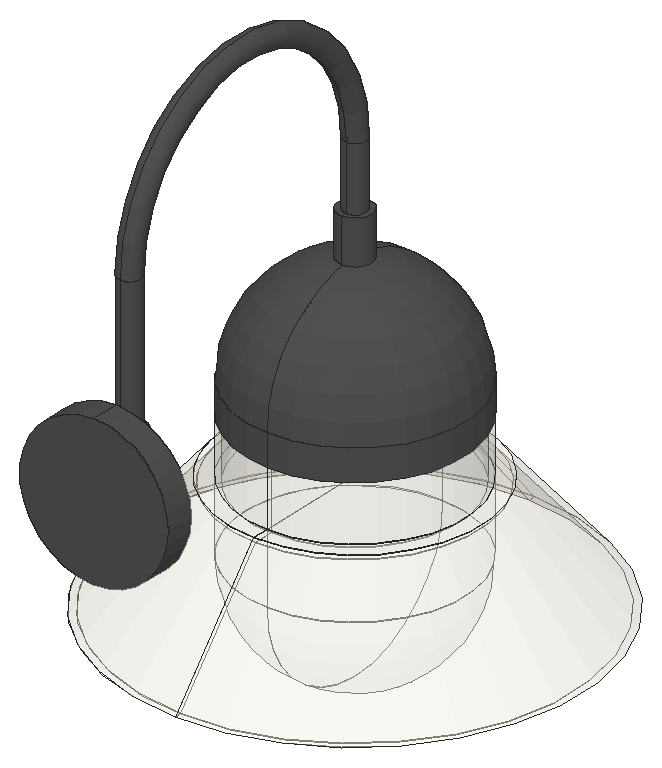
Revit family
Parameters (values of type "100 watt Incandescent")
  Wattage = 10.7714 W
  built-in parameter 1150110 = 1 (stored number, unit not read)
  built-in parameter 1114217 = 1 (stored number, unit not read)
  built-in parameter 1150109 = 1 (stored number, unit not read)
  built-in parameter 1150134 = 3
  built-in parameter 1150113 = 1 (stored number, unit not read)
  built-in parameter 1150105 = 30897.3 (stored number, unit not read)
  built-in parameter 1150115 = 1 (stored number, unit not read)
  Light Source Symbol Length = 3048 mm
  built-in parameter 1150137 = (empty or 0)
  built-in parameter 1150139 = (empty or 0)
  built-in parameter 1150112 = 1 (stored number, unit not read)
  built-in parameter 1150114 = 1 (stored number, unit not read)
  built-in parameter 1150132 = 2
  built-in parameter 1150102 = (empty or 0)
  built-in parameter 1150107 = 3200 (stored number, unit not read)
  built-in parameter 1150138 = (empty or 0)
  built-in parameter 1150106 = 308.97 (stored number, unit not read)
  built-in parameter 1150104 = 13.8 (stored number, unit not read)
  Dimming Lamp Color Temperature Shift = (empty or 0)
  Color Filter = 16777215
  Bulb = Glass - White, High Luminance
  Lumens = 1600 lm
  Shade = Glass - Frosted
  built-in parameter 1010506 = 0.7854 (stored number, unit not read)
  built-in parameter 1010507 = 0.2618 (stored number, unit not read)
  Tilt Angle = 0.00°
  Wall Mount = Metal - Chrome
  Wattage Comments = "100"
  built-in parameter 1114218 = 1 (stored number, unit not read)
  built-in parameter 1150133 = 10 (stored number, unit not read)
Types (3, lengths in mm): name | Wattage | built-in parameter 1150105 | built-in parameter 1150106 | Lumens | Wattage Comments
  (no name) | 10.7714 W | 30897.3 (stored number, unit not read) | 308.97 (stored number, unit not read) | 1600 lm | "100"
  150 watt Incandescent | 16.1571 W | 46346 (stored number, unit not read) | 463.46 (stored number, unit not read) | 2400 lm | "150"
  100 watt Incandescent | 10.7714 W | 30897.3 (stored number, unit not read) | 308.97 (stored number, unit not read) | 1600 lm | "100"
Reference planes
  plane 1: y = 0
  plane 2 "Light Source Axis": y = 265.112
  plane 3 "Light Source Axis": x = -36.356
  plane 4 "Light Source Elevation": z = 2133.6
  plane 5: y = 395.288
  plane 6: y = 134.938
  plane 7: z = 2501.9
  plane 8: y = 76.2
  plane 9: z = 2317.75
  plane 10: z = 2246.69
  plane 11: y = 101.64
  plane 12: z = 2169.524
  plane 13: z = 2197.1
  plane 14: z = 2234.395
  plane 15: z = 2237.57
  plane 16: z = 2269.827
  plane 17: z = 2351.551
  plane 18: z = 2376.625
  plane 19: z = 2413.764
  plane 20: y = 92.439
  plane 21: y = 101.64
  plane 22: z = 2307.108
Forms (mm)
  Sweep 1, solid, material "Metal - Chrome" <- "Wall Mount"
    path origin (-36.356, 0, 0) x (0, -1, 0) y (0, 0, 1)
      loop
        line (-101.64, 2317.75) -> (-101.64, 2413.764)
        arc (-101.64, 2413.764) -> (-183.376, 2495.501) -> (-265.112, 2413.764) r 81.736
        line (-265.112, 2413.764) -> (-265.112, 2376.625)
    profile origin (-36.356, 183.376, 0) x (0, 0, -1) y (-1, 0, 0)
      loop
        circle (-2495.501, 0) r 6.35
  Revolve 2, solid, material "Metal - Chrome" <- "Wall Mount"
    sketch origin (-36.356, 0, 0) x (0, -1, 0) y (0, 0, 1)
      loop
        line (-101.64, 2334.625) -> (-101.64, 2297.908)
        arc (-101.64, 2297.908) -> (-95.134, 2300.602) -> (-92.439, 2307.108) r 9.2
        line (-92.439, 2307.108) -> (-92.439, 2334.625) -> (-101.64, 2334.625)
      axis (-101.64, 2334.625) -> (-101.64, 2297.908)
    angle from 0 to 360
  Revolve 3, solid, material "Metal - Chrome" <- "Wall Mount"
    sketch origin (-36.356, 0, 0) x (0, -1, 0) y (0, 0, 1)
      loop
        line (-255.587, 2376.625) -> (-265.112, 2376.625) -> (-265.112, 2351.551) -> (-255.587, 2351.551) -> (-255.587, 2376.625)
      axis (-265.112, 2351.551) -> (-265.112, 2376.625)
    angle from 0 to 360
  Revolve 4, solid, material "Metal - Chrome" <- "Wall Mount"
    sketch origin (-36.356, 0, 0) x (0, -1, 0) y (0, 0, 1)
      loop
        arc (-201.612, 2287.782) -> (-220.211, 2332.683) -> (-265.112, 2351.282) r 63.5
        line (-265.112, 2351.282) -> (-265.112, 2269.827) -> (-201.612, 2269.827) -> (-201.612, 2287.782)
      axis (-265.112, 2269.827) -> (-265.112, 2351.282)
    angle from 0 to 360
  Revolve 5, solid, material "Glass - Frosted" <- "Shade"
    sketch origin (-36.356, 0, 0) x (0, -1, 0) y (0, 0, 1)
      loop
        line (-201.612, 2269.827) -> (-204.787, 2269.827) -> (-204.787, 2234.395) -> (-193.358, 2234.395) -> (-139.077, 2169.524) -> (-134.937, 2169.524) -> (-191.875, 2237.57) -> (-201.612, 2237.57) -> (-201.612, 2269.827)
      axis (-265.112, 2169.524) -> (-265.112, 2269.827)
    angle from 0 to 360
  Revolve 6, solid, material "Glass - White, High Luminance" <- "Bulb"
    sketch origin (-36.356, 0, 0) x (0, -1, 0) y (0, 0, 1)
      loop
        line (-201.612, 2237.57) -> (-265.112, 2237.57) -> (-265.112, 2133.6)
        arc (-265.112, 2133.6) -> (-220.211, 2152.199) -> (-201.612, 2197.1) r 63.5
        line (-201.612, 2197.1) -> (-201.612, 2237.57)
      axis (-265.112, 2133.6) -> (-265.112, 2237.57)
    angle from 0 to 360
  Extrusion 7, solid, material "Metal - Chrome" <- "Wall Mount"
    sketch origin (0, 76.2, 0) x (0, 0, 1) y (-1, 0, 0)
      loop
        circle (2307.108, 36.356) r 43.012
    from 0 to -16.239
Lines and regions (mm)
  symbolic lines
    curve 1: arc (93.819, 265.112, 2169.524) -> (-36.356, 395.287, 2169.524) -> (-166.531, 265.112, 2169.524) r 130.175
    curve 2: arc (-166.531, 265.112, 2169.524) -> (-36.356, 134.937, 2169.524) -> (93.819, 265.112, 2169.524) r 130.175
    curve 3: arc (89.679, 265.112, 2169.524) -> (-36.356, 391.148, 2169.524) -> (-162.391, 265.112, 2169.524) r 126.035
    curve 4: arc (-162.391, 265.112, 2169.524) -> (-36.356, 139.077, 2169.524) -> (89.679, 265.112, 2169.524) r 126.035
  symbolic lines, style "LightingFixtures"
    curve 5: arc (89.679, 265.112, 0) -> (-36.356, 391.148, 0) -> (-162.391, 265.112, 0) r 126.035
    curve 6: arc (-162.391, 265.112, 0) -> (-36.356, 139.077, 0) -> (89.679, 265.112, 0) r 126.035
Text (mm)
  text "Placement Side" at (0, 1019.848, 3124.603), in view "Right"
  text "Placement Side" at (-1163.331, 723.012, 0), in view "Ref. Level"
  text "Placement Side" at (0, 1447.967, 3122.4), in view "Left"
Dimensions and locks
  plane 5 to plane 6 to plane 8 = 260.35 mm locked, 58.737 mm locked
  equal spacing: plane 5, plane 2 "Light Source Axis", plane 6
  equal spacing: plane 4 "Light Source Elevation", plane 9, plane 7, locked at 184.15 each
  plane 4 "Light Source Elevation" to plane 7 = 368.3 mm
  plane 6 to plane 5 = 260.35 mm
  host wall to plane 5 = 319.088 mm
  locked: plane 12 to plane 14 at 64.871
  locked: plane 12 to plane 4 "Light Source Elevation" at 35.924
  locked: plane 12 to plane 15 at 68.046
  locked: plane 4 "Light Source Elevation" to plane 13 at 63.5
  locked: plane 15 to plane 16 at 32.257
  locked: Revolve 5 sketch curve to Revolve 5 sketch curve at 3.175
  locked: plane 16 to plane 17 at 81.724
  locked: Revolve 3 sketch curve to Revolve 3 sketch curve at 25.074
  locked: plane 17 to plane 18 at 25.074
  locked: plane 18 to plane 19 at 37.139
  locked: plane 8 to plane 20 at 16.239
  locked: plane 20 to plane 21 at 9.2
  locked: plane 4 "Light Source Elevation" to plane 22 at 173.508
  aligned and locked: plane 8 to host wall
  aligned and locked: Sweep 1 sketch curve to plane 9
  aligned and locked: Revolve 5 sketch curve to plane 12
  aligned and locked: Revolve 6 sketch curve to plane 15
  aligned and locked: plane 13 to Revolve 6 sketch curve
  aligned and locked: Revolve 5 sketch curve to plane 16
  aligned and locked: plane 15 to Revolve 5 sketch curve
  aligned and locked: Revolve 4 sketch curve to plane 16
  aligned and locked: plane 17 to Revolve 3 sketch curve
  aligned and locked: Sweep 1 sketch curve to plane 18
  aligned and locked: plane 19 to Sweep 1 sketch curve  (x2)
  aligned and locked: Extrusion 7 sketch curve to plane 22
  aligned and locked: Revolve 2 sketch curve to plane 22
  aligned and locked: plane 20 to Revolve 2 sketch curve
  aligned and locked: plane 21 to Revolve 2 sketch curve
  aligned and locked: Revolve 2 sketch curve to plane 21
  aligned and locked: plane 3 "Light Source Axis" to imposter light
  aligned and locked: plane 2 "Light Source Axis" to imposter light
  aligned and locked: plane 4 "Light Source Elevation" to imposter light
Automatic sketch dimensions
  Sweep 1 sketch curve to plane 3 "Light Source Axis" = 0 mm
  Sweep 1 sketch curve to profile plane = 0 mm
  profile plane to Sweep 1 sketch curve = 6.35 mm
  Sweep 1 sketch curve to plane 2 "Light Source Axis" = 0 mm
  Sweep 1 sketch curve to plane 6 = 33.298 mm
  Revolve 3 sketch curve to plane 2 "Light Source Axis" = 0 mm  (x2)
  Revolve 3 sketch curve to Revolve 3 sketch curve = 9.525 mm
  Revolve 3 sketch curve to level = 914.4 mm
  Revolve 3 sketch curve to plane 7 = 159.154 mm
  Revolve 4 sketch curve to plane 2 "Light Source Axis" = 0 mm  (x2)
  Revolve 4 sketch curve to Revolve 4 sketch curve = 63.5 mm
  Revolve 4 sketch curve to Revolve 4 sketch curve = 17.955 mm
  Revolve 4 sketch curve to level = 914.4 mm
  Revolve 4 sketch curve to plane 7 = 159.154 mm
  Revolve 5 sketch curve to plane 2 "Light Source Axis" = 0 mm
  Revolve 5 sketch curve to plane 6 = 0 mm
  plane 2 "Light Source Axis" to Revolve 5 sketch curve = 60.325 mm
  Revolve 5 sketch curve to Revolve 5 sketch curve = 3.175 mm
  Revolve 5 sketch curve to Revolve 5 sketch curve = 8.254 mm
  Revolve 5 sketch curve to Revolve 5 sketch curve = 1.483 mm
  Revolve 5 sketch curve to Revolve 5 sketch curve = 4.14 mm
  Revolve 5 sketch curve to level = 914.4 mm
  Revolve 5 sketch curve to plane 7 = 159.154 mm
  Revolve 6 sketch curve to plane 2 "Light Source Axis" = 0 mm  (x2)
  Revolve 6 sketch curve to Revolve 6 sketch curve = 63.5 mm
  Revolve 6 sketch curve to level = 914.4 mm
  Revolve 6 sketch curve to plane 7 = 159.154 mm
  Extrusion 7 sketch curve to plane 3 "Light Source Axis" = 0 mm
  plane 16 to Extrusion 7 sketch curve = 5.731 mm
  plane 4 "Light Source Elevation" to Revolve 2 sketch curve = 55.093 mm
  Revolve 2 sketch curve to plane 9 = 16.875 mm
  plane 7 to Revolve 2 sketch curve = 29.153 mm
  curve 1 to plane 2 "Light Source Axis" = 0 mm
  curve 4 to plane 2 "Light Source Axis" = 0 mm
  curve 6 to plane 2 "Light Source Axis" = 0 mm
  curve 3 to plane 3 "Light Source Axis" = 0 mm
  curve 2 to plane 3 "Light Source Axis" = 0 mm
  curve 5 to plane 3 "Light Source Axis" = 0 mm
  plane 3 "Light Source Axis" to curve 3 = 126.035 mm
  curve 5 to curve 3 = 0 mm
  curve 2 to curve 3 = 4.14 mm
